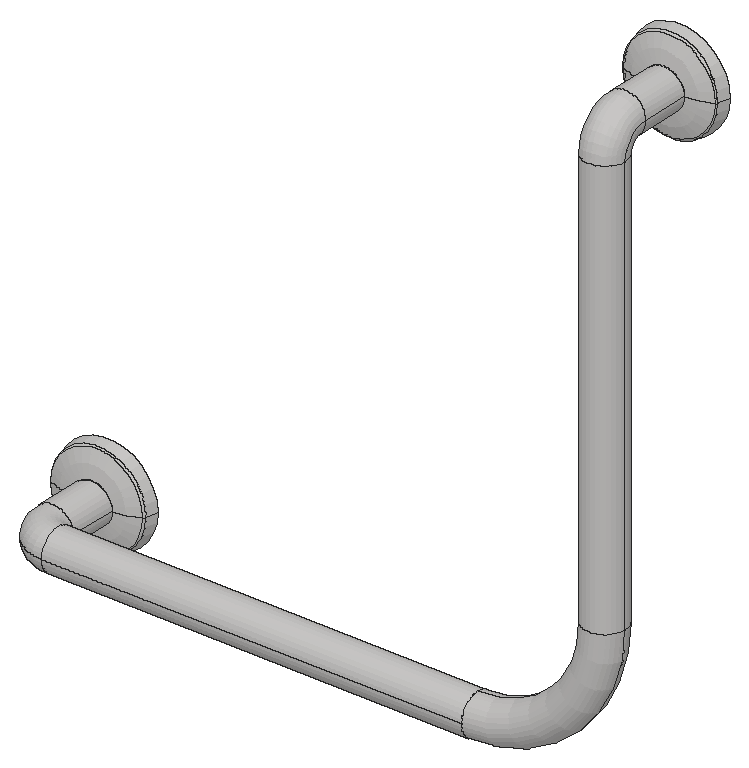
Revit family "Grab Rail_Metlam_90 Deg_Ambulant", category Specialty Equipment, Revit 2016
Family settings
  Part Type = Normal
  Round Connector Dimension = Use Diameter
  OmniClass Number = 23.40.20.21.47
  OmniClass Title = Bath Grab Bars
  Work Plane-Based = No
  Always vertical = Yes
  Cut with Voids When Loaded = No
  Shared = No
  Room Calculation Point = Yes
Parameters (values of type "482w x 60d x 482h (MLR112)")
  Width = 482 mm  # constant formula
  URL = "http://www.metlam.com.au/"
  Type Comments = "Grab Rails"  # constant formula
  Model = "MLR112"
  Manufacturer_Width = 450 mm  # constant formula
  Manufacturer_URL__Product Specific = "http://www.metlam.com.au/product/content/grab-rails/MLR112"
  Manufacturer_Spec Code = Model  # "MLR112"
  Manufacturer_Height From FFL [instance] = 800 mm
  Manufacturer_Height = 450 mm  # constant formula
  Manufacturer_Depth = Depth  # 90 mm
  Manufacturer = "Metlam"  # constant formula
  Keynote = ""
  Height = 482 mm  # constant formula
  Description = "90° Ambulant Grab Rail"
  Depth = 90 mm  # constant formula
  CreatedBy_ANZRS = "IGS BIM Solutions"  # constant formula
  CreatedByURL_ANZRS = "http://www.igsgroup.com.au/"
  Body Material = z_Metlam_Metal_Stainless Steel_Satin
  Assembly Code = ""
Reference planes
  plane 1 "Back": y = 0
  plane 2 "Ref. Level": z = 0
  plane 3 "Left Wall Mount_Centre (Elevation)": z = 784
  plane 4 "Right Wall Mount_Centre (Elevation)": z = 1234
  plane 5 "Top": z = 1273.4
  plane 6 "Mounting Height": z = 800
  plane 7 "Bottom": z = 744.6
  plane 8 "Vertical Rail_Top": z = 1250
  plane 9 "Horizontal Rail_Bottom": z = 768
  plane 10 "Left": x = 0.2
  plane 11 "Horizontal Rail_ Centre (Left/Right)": x = 39.2
  plane 12 "Vertical Rail_Centre (Left/Right)": x = 489.2
  plane 13 "Vertical Rail_Left": x = 473.2
  plane 14 "Front": y = -90
  plane 15 "Rail_Centre": y = -74
  plane 16 "Rail_Back": y = -58
  plane 17 "Right": x = 528.2
  plane 18 "Vertical Rail_Right": x = 505.2
  plane 19 "Horizontal Rail_Left": x = 23.2
Forms (mm)
  Sweep 1, solid, material "z_Metlam_Metal_Stainless Steel_Satin" <- "Body Material"
    path origin (0, 0, 784) x (-1, 0, 0) y (0, -1, 0)
      loop
        line (-39.2, 16.007) -> (-39.2, 54)
        arc (-39.2, 54) -> (-45.058, 68.144) -> (-59.202, 74.002) r 20.002
        line (-59.202, 74.002) -> (-389.2, 74.002)
    profile origin (224.201, -74.002, 784) x (0, 1, 0) y (0, 0, 1)
      loop
        circle (0, 0) r 16
  Sweep 2, solid, material "z_Metlam_Metal_Stainless Steel_Satin" <- "Body Material"
    path origin (0, -74, 0) x (1, 0, 0) y (0, 0, 1)
      loop
        arc (389.2, 784) -> (459.911, 813.289) -> (489.2, 884) r 100
    profile origin (489.2, -74, 884) x (-1, 0, 0) y (0, -1, 0)
      loop
        circle (0, 0.002) r 16
  Sweep 3, solid, material "z_Metlam_Metal_Stainless Steel_Satin" <- "Body Material"
    path origin (489.2, 0, 0) x (0, 1, 0) y (0, 0, 1)
      loop
        line (-16.007, 1234) -> (-54, 1234)
        arc (-54, 1234) -> (-68.142, 1228.142) -> (-74, 1214) r 20
        line (-74, 1214) -> (-74, 884)
    profile origin (489.2, -74, 1049) x (1, 0, 0) y (0, 1, 0)
      loop
        circle (0, -0.002) r 16
  Revolve 4, solid, material "z_Metlam_Metal_Stainless Steel_Satin" <- "Body Material"
    sketch origin (0, 0, 1234) x (-1, 0, 0) y (0, -1, 0)
      loop
        arc (-525.338, 10.452) -> (-526.021, 9.878) -> (-526.387, 9.065) r 2
        line (-526.387, 9.065) -> (-528.2, 0) -> (-489.2, 0) -> (-489.2, 16.007) -> (-505.2, 16.007)
        arc (-505.2, 16.007) -> (-515.554, 14.263) -> (-525.338, 10.452) r 51.397
      axis (-489.2, 16.007) -> (-489.2, 0)
    angle from 0 to 360
  Revolve 5, solid, material "z_Metlam_Metal_Stainless Steel_Satin" <- "Body Material"
    sketch origin (0, 0, 784) x (-1, 0, 0) y (0, -1, 0)
      loop
        arc (-75.338, 10.452) -> (-76.021, 9.878) -> (-76.387, 9.065) r 2
        line (-76.387, 9.065) -> (-78.2, 0) -> (-39.2, 0) -> (-39.2, 16.007) -> (-55.2, 16.007)
        arc (-55.2, 16.007) -> (-65.554, 14.263) -> (-75.338, 10.452) r 51.397
      axis (-39.2, 16.007) -> (-39.2, 0)
    angle from 0 to 360
Cuts and joins
  joined: Sweep 1, Sweep 2, Sweep 3
Lines and regions (mm)
  Masking region 1
    outline origin (0, 0, 1273.4) x (-1, 0, 0) y (0, -1, 0)
      loop
        line (-450.2, 0) -> (-451.979, 8.92)
        arc (-451.979, 8.92) -> (-452.398, 9.858) -> (-453.18, 10.523) r 2.321
        arc (-453.18, 10.523) -> (-460.214, 13.512) -> (-467.635, 15.339) r 47.701
        arc (-467.635, 15.339) -> (-470.41, 15.733) -> (-473.2, 16.015) r 69.594
        line (-473.2, 16.015) -> (-473.2, 58) -> (-59.284, 58)
        arc (-59.284, 58) -> (-56.397, 56.804) -> (-55.201, 53.917) r 4.083
        line (-55.201, 53.917) -> (-55.201, 16.015)
        arc (-55.201, 16.015) -> (-57.971, 15.733) -> (-60.728, 15.34) r 69.597
        arc (-60.728, 15.34) -> (-68.159, 13.508) -> (-75.201, 10.512) r 47.705
        arc (-75.201, 10.512) -> (-75.98, 9.849) -> (-76.398, 8.915) r 2.316
        line (-76.398, 8.915) -> (-78.2, 0) -> (-0.2, 0) -> (-1.979, 8.92)
        arc (-1.979, 8.92) -> (-2.398, 9.858) -> (-3.18, 10.523) r 2.321
        arc (-3.18, 10.523) -> (-10.214, 13.512) -> (-17.635, 15.339) r 47.701
        arc (-17.635, 15.339) -> (-20.41, 15.733) -> (-23.2, 16.015) r 69.594
        line (-23.2, 16.015) -> (-23.2, 54.2)
        arc (-23.2, 54.2) -> (-33.686, 79.514) -> (-59, 90) r 35.8
        line (-59, 90) -> (-488.973, 90)
        arc (-488.973, 90) -> (-500.447, 85.247) -> (-505.2, 73.773) r 16.227
        line (-505.2, 73.773) -> (-505.2, 16.015)
        arc (-505.2, 16.015) -> (-507.971, 15.733) -> (-510.729, 15.34) r 69.597
        arc (-510.729, 15.34) -> (-518.159, 13.508) -> (-525.201, 10.512) r 47.705
        arc (-525.201, 10.512) -> (-525.98, 9.849) -> (-526.398, 8.915) r 2.316
        line (-526.398, 8.915) -> (-528.2, 0) -> (-450.2, 0)
  Masking region 2
    outline origin (0, 0, 1273.4) x (-1, 0, 0) y (0, -1, 0)
      loop
        line (-450.2, 0) -> (-451.979, 8.92)
        arc (-451.979, 8.92) -> (-452.398, 9.858) -> (-453.18, 10.523) r 2.321
        arc (-453.18, 10.523) -> (-460.214, 13.512) -> (-467.635, 15.339) r 47.701
        arc (-467.635, 15.339) -> (-470.41, 15.733) -> (-473.2, 16.015) r 69.594
        line (-473.2, 16.015) -> (-473.2, 58) -> (-59.284, 58)
        arc (-59.284, 58) -> (-56.397, 56.804) -> (-55.201, 53.917) r 4.083
        line (-55.201, 53.917) -> (-55.201, 16.015)
        arc (-55.201, 16.015) -> (-57.971, 15.733) -> (-60.728, 15.34) r 69.597
        arc (-60.728, 15.34) -> (-68.159, 13.508) -> (-75.201, 10.512) r 47.705
        arc (-75.201, 10.512) -> (-75.98, 9.849) -> (-76.398, 8.915) r 2.316
        line (-76.398, 8.915) -> (-78.2, 0) -> (-0.2, 0) -> (-1.979, 8.92)
        arc (-1.979, 8.92) -> (-2.398, 9.858) -> (-3.18, 10.523) r 2.321
        arc (-3.18, 10.523) -> (-10.214, 13.512) -> (-17.635, 15.339) r 47.701
        arc (-17.635, 15.339) -> (-20.41, 15.733) -> (-23.2, 16.015) r 69.594
        line (-23.2, 16.015) -> (-23.2, 54.2)
        arc (-23.2, 54.2) -> (-33.686, 79.514) -> (-59, 90) r 35.8
        line (-59, 90) -> (-488.973, 90)
        arc (-488.973, 90) -> (-500.447, 85.247) -> (-505.2, 73.773) r 16.227
        line (-505.2, 73.773) -> (-505.2, 16.015)
        arc (-505.2, 16.015) -> (-507.971, 15.733) -> (-510.729, 15.34) r 69.597
        arc (-510.729, 15.34) -> (-518.159, 13.508) -> (-525.201, 10.512) r 47.705
        arc (-525.201, 10.512) -> (-525.98, 9.849) -> (-526.398, 8.915) r 2.316
        line (-526.398, 8.915) -> (-528.2, 0) -> (-450.2, 0)
  symbolic lines, style "Grab Rails", detail levels medium+fine
    curve 1: line (473.2, -15.99, 1273.6) -> (505.4, -15.99, 1273.6)
    curve 2: line (473.2, -58.002, 1273.6) -> (473.2, -74.002, 1273.6)
    curve 3: arc (487.491, -90, 1273.6) -> (477.293, -84.728, 1273.6) -> (473.2, -74.002, 1273.6) r 16.1
    curve 4: line (23.2, -15.99, 1273.6) -> (55.4, -15.99, 1273.6)
Text (mm)
  text "> Contact Manufacturer to confirm feasibility of design variations outside the scope of this Revit Family\n\n\n\nDisclaimer:\n\nDue to ongoing product development and manufacturing evolution, product details are subject to change without notice. Please refer to product technical data sheets on the manufacturer’s website for the most current product information. Please allow a +/- 5mm manufacturing tolerance for dimensions and set-outs shown in product literature." at (635.811, 101.073, 0), in view "Ref. Level_Instruction"
Dimensions and locks
  "Manufacturer_Height From FFL": plane 6 "Mounting Height" to plane 2 "Ref. Level"
  locked: plane 5 "Top" to plane 8 "Vertical Rail_Top" at 23.4
  locked: plane 6 "Mounting Height" to plane 3 "Left Wall Mount_Centre (Elevation)" at 16
  locked: plane 3 "Left Wall Mount_Centre (Elevation)" to plane 9 "Horizontal Rail_Bottom" at 16
  locked: plane 9 "Horizontal Rail_Bottom" to plane 7 "Bottom" at 23.4
  "Manufacturer_Height": plane 4 "Right Wall Mount_Centre (Elevation)" to plane 3 "Left Wall Mount_Centre (Elevation)"
  "Height": plane 8 "Vertical Rail_Top" to plane 9 "Horizontal Rail_Bottom"
  "Manufacturer_Width": plane 11 "Horizontal Rail_ Centre (Left/Right)" to plane 12 "Vertical Rail_Centre (Left/Right)"
  equal spacing: plane 14 "Front", plane 15 "Rail_Centre", plane 16 "Rail_Back", locked at 16 each
  plane 16 "Rail_Back" to Sweep 1 sketch curve = 41.993 mm
  locked: plane 19 "Horizontal Rail_Left" to plane 18 "Vertical Rail_Right" at 482
  "Manufacturer_Depth": plane 14 "Front" to plane 1 "Back"
  equal spacing: plane 13 "Vertical Rail_Left", plane 12 "Vertical Rail_Centre (Left/Right)", plane 18 "Vertical Rail_Right"
  plane 16 "Rail_Back" to plane 1 "Back" = 58 mm
  aligned and locked: level to plane 2 "Ref. Level"
  aligned and locked: plane 11 "Horizontal Rail_ Centre (Left/Right)" to Revolve 5 sketch curve
  aligned and locked: Revolve 5 sketch curve to plane 11 "Horizontal Rail_ Centre (Left/Right)"
  aligned and locked: plane 18 "Vertical Rail_Right" to Masking region 2 sketch curve
  aligned and locked: Masking region 2 sketch curve to plane 13 "Vertical Rail_Left"
  aligned and locked: Masking region 2 sketch curve to plane 19 "Horizontal Rail_Left"
Automatic sketch dimensions
  plane 1 "Back" to Masking region 1 sketch curve = 0 mm  (x2)
  Masking region 1 sketch curve to Masking region 1 sketch curve = 2.271 mm  (x2)
  plane 1 "Back" to Masking region 1 sketch curve = 8.466 mm  (x2)
  plane 1 "Back" to Masking region 1 sketch curve = 8.92 mm
  Masking region 1 sketch curve to Masking region 1 sketch curve = 2.277 mm
  Masking region 1 sketch curve to Masking region 1 sketch curve = 1.779 mm
  plane 1 "Back" to Masking region 1 sketch curve = 8.915 mm
  Masking region 1 sketch curve to Masking region 1 sketch curve = 1.802 mm  (x2)
  Masking region 1 sketch curve to Masking region 1 sketch curve = 0.284 mm
  Masking region 1 sketch curve to plane 1 "Back" = 31.744 mm  (x2)
  Masking region 1 sketch curve to Masking region 1 sketch curve = 0 mm  (x6)
  Masking region 1 sketch curve to Masking region 1 sketch curve = 21.607 mm  (x2)
  Masking region 1 sketch curve to Masking region 1 sketch curve = 0.001 mm  (x2)
  plane 1 "Back" to Masking region 1 sketch curve = 8.46 mm
  Masking region 1 sketch curve to Masking region 1 sketch curve = 0.454 mm  (x3)
  plane 1 "Back" to Masking region 1 sketch curve = 16.015 mm  (x4)
  Masking region 1 sketch curve to Masking region 1 sketch curve = 0.283 mm
  Masking region 1 sketch curve to Masking region 1 sketch curve = 18.944 mm  (x2)
  Masking region 1 sketch curve to Masking region 1 sketch curve = 3.514 mm  (x2)
  Masking region 1 sketch curve to Masking region 1 sketch curve = 20.736 mm  (x2)
  Masking region 1 sketch curve to Masking region 1 sketch curve = 3.524 mm  (x2)
  Masking region 1 sketch curve to Masking region 1 sketch curve = 32.001 mm
  Masking region 1 sketch curve to Masking region 1 sketch curve = 3.799 mm
  Masking region 1 sketch curve to Masking region 1 sketch curve = 18.926 mm  (x2)
  Masking region 1 sketch curve to Masking region 1 sketch curve = 372 mm
  Masking region 1 sketch curve to Masking region 1 sketch curve = 25.09 mm
  Masking region 1 sketch curve to Masking region 1 sketch curve = 15.773 mm
  Masking region 1 sketch curve to Masking region 1 sketch curve = 16.227 mm
  Masking region 1 sketch curve to Masking region 1 sketch curve = 37.902 mm
  plane 14 "Front" to curve 3 = 0 mm
  curve 1 to plane 13 "Vertical Rail_Left" = 0 mm
  curve 2 to plane 13 "Vertical Rail_Left" = 0 mm
  curve 4 to plane 19 "Horizontal Rail_Left" = 0 mm
  plane 15 "Rail_Centre" to curve 3 = 0.002 mm
  plane 12 "Vertical Rail_Centre (Left/Right)" to curve 3 = 0.1 mm
  plane 18 "Vertical Rail_Right" to curve 1 = 0.2 mm
  plane 11 "Horizontal Rail_ Centre (Left/Right)" to curve 4 = 16.2 mm
  plane 16 "Rail_Back" to curve 2 = 0.002 mm
  plane 1 "Back" to curve 4 = 15.99 mm
  plane 1 "Back" to curve 1 = 15.99 mm
  Sweep 1 sketch curve to profile plane = 0 mm  (x2)
  Sweep 2 sketch curve to plane 3 "Left Wall Mount_Centre (Elevation)" = 0 mm
  Sweep 2 sketch curve to plane 12 "Vertical Rail_Centre (Left/Right)" = 0 mm
  plane 6 "Mounting Height" to Sweep 2 sketch curve = 84 mm
  Sweep 2 sketch curve to profile plane = 0 mm
  profile plane to Sweep 2 sketch curve = 0.002 mm
  Sweep 3 sketch curve to plane 15 "Rail_Centre" = 0 mm
  Sweep 3 sketch curve to plane 4 "Right Wall Mount_Centre (Elevation)" = 0 mm
  Sweep 3 sketch curve to plane 16 "Rail_Back" = 4 mm
  plane 1 "Back" to Sweep 3 sketch curve = 16.007 mm
  plane 6 "Mounting Height" to Sweep 3 sketch curve = 84 mm
  Sweep 3 sketch curve to plane 12 "Vertical Rail_Centre (Left/Right)" = 0 mm
  profile plane to Sweep 3 sketch curve = 0.002 mm
  Masking region 1 sketch curve to plane 17 "Right" = 0 mm
  Masking region 1 sketch curve to plane 10 "Left" = 0 mm
  Masking region 1 sketch curve to Masking region 1 sketch curve = 25.137 mm
  plane 10 "Left" to Masking region 1 sketch curve = 1.779 mm
  plane 1 "Back" to Masking region 2 sketch curve = 0 mm  (x2)
  Masking region 2 sketch curve to plane 17 "Right" = 0 mm
  plane 14 "Front" to Masking region 2 sketch curve = 0 mm
  plane 16 "Rail_Back" to Masking region 2 sketch curve = 0 mm
  Masking region 2 sketch curve to plane 10 "Left" = 0 mm
  Masking region 2 sketch curve to plane 17 "Right" = 1.802 mm
  Masking region 2 sketch curve to Masking region 2 sketch curve = 2.271 mm  (x2)
  Masking region 2 sketch curve to plane 18 "Vertical Rail_Right" = 2.137 mm
  Masking region 2 sketch curve to plane 18 "Vertical Rail_Right" = 5.661 mm
  Masking region 2 sketch curve to plane 12 "Vertical Rail_Centre (Left/Right)" = 0.227 mm
  plane 13 "Vertical Rail_Left" to Masking region 2 sketch curve = 5.604 mm
  plane 13 "Vertical Rail_Left" to Masking region 2 sketch curve = 2.09 mm
  plane 1 "Back" to Masking region 2 sketch curve = 8.466 mm  (x2)
  Masking region 2 sketch curve to plane 13 "Vertical Rail_Left" = 18.944 mm
  plane 1 "Back" to Masking region 2 sketch curve = 8.92 mm
  Masking region 2 sketch curve to Masking region 2 sketch curve = 2.277 mm
  Masking region 2 sketch curve to Masking region 2 sketch curve = 1.779 mm
  plane 11 "Horizontal Rail_ Centre (Left/Right)" to Masking region 2 sketch curve = 39 mm
  plane 1 "Back" to Masking region 2 sketch curve = 8.915 mm
  Masking region 2 sketch curve to Masking region 2 sketch curve = 1.802 mm
  Masking region 2 sketch curve to plane 16 "Rail_Back" = 4.083 mm
  plane 11 "Horizontal Rail_ Centre (Left/Right)" to Masking region 2 sketch curve = 20.084 mm
  Masking region 2 sketch curve to Masking region 2 sketch curve = 0.284 mm
  plane 11 "Horizontal Rail_ Centre (Left/Right)" to Masking region 2 sketch curve = 13.863 mm
  plane 11 "Horizontal Rail_ Centre (Left/Right)" to Masking region 2 sketch curve = 10.339 mm
  plane 19 "Horizontal Rail_Left" to Masking region 2 sketch curve = 5.604 mm
  plane 19 "Horizontal Rail_Left" to Masking region 2 sketch curve = 2.09 mm
  plane 10 "Left" to Masking region 2 sketch curve = 4.056 mm
  plane 10 "Left" to Masking region 2 sketch curve = 1.779 mm
  Masking region 2 sketch curve to plane 1 "Back" = 31.744 mm  (x2)
  Masking region 2 sketch curve to Masking region 2 sketch curve = 0 mm  (x6)
  Masking region 2 sketch curve to Masking region 2 sketch curve = 21.607 mm  (x2)
  Masking region 2 sketch curve to Masking region 2 sketch curve = 0.001 mm  (x2)
  plane 1 "Back" to Masking region 2 sketch curve = 8.46 mm
  Masking region 2 sketch curve to Masking region 2 sketch curve = 0.454 mm  (x3)
  plane 1 "Back" to Masking region 2 sketch curve = 16.015 mm  (x4)
  Sweep 1 sketch curve to plane 11 "Horizontal Rail_ Centre (Left/Right)" = 0 mm
  plane 15 "Rail_Centre" to Sweep 1 sketch curve = 0.002 mm
  plane 11 "Horizontal Rail_ Centre (Left/Right)" to Sweep 1 sketch curve = 20.002 mm
  Sweep 1 sketch curve to plane 13 "Vertical Rail_Left" = 84 mm
  plane 1 "Back" to Revolve 5 sketch curve = 0 mm
  plane 11 "Horizontal Rail_ Centre (Left/Right)" to Revolve 5 sketch curve = 12.689 mm
  plane 11 "Horizontal Rail_ Centre (Left/Right)" to Revolve 5 sketch curve = 16 mm
  plane 1 "Back" to Revolve 5 sketch curve = 8.672 mm
  Revolve 5 sketch curve to Revolve 5 sketch curve = 19.226 mm
  plane 1 "Back" to Revolve 5 sketch curve = 9.065 mm
  Revolve 5 sketch curve to Revolve 5 sketch curve = 1.961 mm
  Revolve 5 sketch curve to Revolve 5 sketch curve = 1.813 mm
  Revolve 5 sketch curve to plane 1 "Back" = 35.283 mm
  plane 1 "Back" to Revolve 5 sketch curve = 16.007 mm
  Revolve 5 sketch curve to Revolve 5 sketch curve = 4.717 mm
  Revolve 5 sketch curve to Revolve 5 sketch curve = 6.007 mm
  plane 1 "Back" to Revolve 4 sketch curve = 0 mm
  Revolve 4 sketch curve to plane 17 "Right" = 0 mm
  Revolve 4 sketch curve to plane 18 "Vertical Rail_Right" = 0 mm
  Revolve 4 sketch curve to plane 12 "Vertical Rail_Centre (Left/Right)" = 0 mm  (x2)
  Revolve 4 sketch curve to plane 17 "Right" = 1.813 mm
  Revolve 4 sketch curve to Revolve 4 sketch curve = 1.961 mm
  Revolve 4 sketch curve to plane 18 "Vertical Rail_Right" = 3.311 mm
  Revolve 4 sketch curve to plane 1 "Back" = 35.283 mm
  plane 1 "Back" to Revolve 4 sketch curve = 8.672 mm
  Revolve 4 sketch curve to Revolve 4 sketch curve = 0.392 mm
  plane 1 "Back" to Revolve 4 sketch curve = 16.007 mm
  Revolve 4 sketch curve to Revolve 4 sketch curve = 4.717 mm
  Revolve 4 sketch curve to Revolve 4 sketch curve = 6.007 mm
  radius of Sweep 1 sketch curve = 16 mm
  radius of Sweep 2 sketch curve = 16 mm
  radius of Sweep 3 sketch curve = 16 mm
